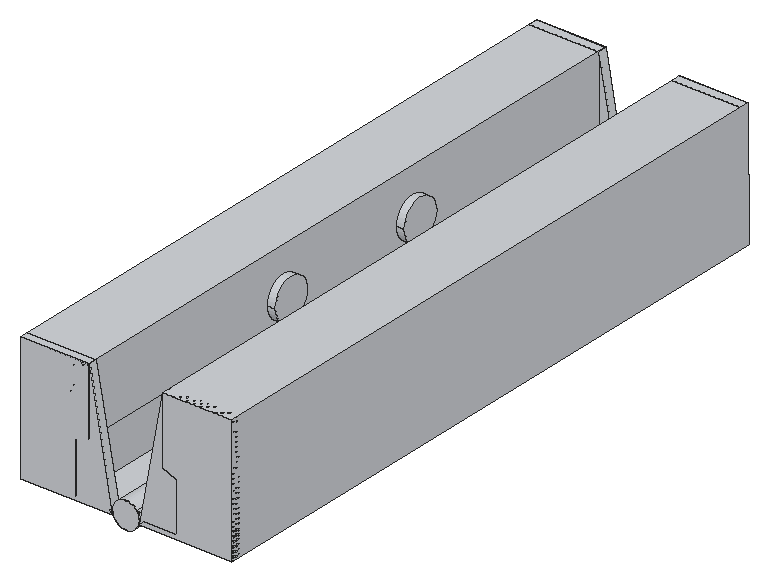
Revit family "MF_OUTSIDE HINGED CORNER 2'_1904314", category Generic Models, Revit 2018
Family settings
  Can host rebar = No
  Round Connector Dimension = Use Diameter
  Part Type = Normal
  OmniClass Number = 35.51.14.00
  OmniClass Title = FORMWORK
  Work Plane-Based = Yes
  Always vertical = No
  Cut with Voids When Loaded = No
  Shared = Yes
  Room Calculation Point = No
Parameters
  VERSION = "20190101"  # constant formula
  URL = "www.ulmaconstruction.com/en"
  UNICLASS = ""
  REAL ANGLE [instance] = if(ANGLE < 65.00°, 65.00°, if(ANGLE < 180.00°, ANGLE, 180.00°))  # 180.00°
  ITEM_CODE = "1904314"
  Manufacturer = "ULMA CONSTRUCTION"  # constant formula
  INSERTION PLANE [instance] = if(REAL ANGLE = 180.00°, 0", (0.15748") / cos(90.00° - REAL ANGLE) + 0.15748" * tan(90.00° - REAL ANGLE))  # 0"
  FILTER [instance] = ""
  Default Elevation = 0"
  CLASSIFICATION_TITLE = ""
  CLASSIFICATION_NUMBER = ""
  ANGLE [instance] = 180.00°
Reference planes (in)
  plane 1 "Centro (Frontal/Posterior)": y = 0
  plane 2: z = 0
  plane 3 "Centro (Izquierda/Derecha)": x = 0
  plane 4 "ITEM_HEIGHT": y = 24
  plane 5 "CENTER": z = 0.15748
  plane 6 "INSERTION PLANE": x = 0
Lines and regions (in)
  reference lines
    curve 1: line (0, 0, 0.15748) -> (8.2515, 0, 0.15748)
Dimensions and locks (in)
  locked: plane 1 "Centro (Frontal/Posterior)" to plane 4 "ITEM_HEIGHT" at 24
  locked: plane 5 "CENTER" to plane 2 at 0.15748
  "INSERTION PLANE": plane 3 "Centro (Izquierda/Derecha)" to plane 6 "INSERTION PLANE"
  "REAL ANGLE": angle plane 5 "CENTER" to curve 1
  aligned and locked: level to plane 2
  aligned and locked: plane 3 "Centro (Izquierda/Derecha)" to curve 1
  aligned and locked: plane 5 "CENTER" to curve 1
  aligned and locked: plane 4 "ITEM_HEIGHT" to nested 2
Nested families (in)
  nested 1: "MEDIA ESCUADRA EXT 2' - 1904949_PANELS" at (0, 0, 0), type "MEDIA ESCUADRA EXT 2' - 1904949_PANELS"
    with FILTER ""
  nested 2: "MEDIA ESCUADRA EXT 2' - 1904949_PANELS" at (0, 24, 0) x (-1, 0, 0) z (0, 0, 1), type "MEDIA ESCUADRA EXT 2' - 1904949_PANELS"
    with FILTER ""
Definition of nested family "MEDIA ESCUADRA EXT 2' - 1904949_PANELS"
  Parameters (values of type "MEDIA ESCUADRA EXT 2' - 1904949_PANELS")
    VERSION = "20190101"  # constant formula
    URL = "www.ulmaconstruction.com/en"
    UNICLASS = ""
    Manufacturer = "ULMA CONSTRUCTION"  # constant formula
    FILTER [instance] = ""
    Default Elevation = 0"
    CLASSIFICATION_TITLE = ""
    CLASSIFICATION_NUMBER = ""
  Reference planes (in)
    plane 1 "Centro (Frontal/Posterior)": y = 0
    plane 2: z = 0
    plane 3 "Centro (Izquierda/Derecha)": x = 0
  Forms (in)
    Extrusion 1, solid
      sketch origin (0, 0, 0) x (1, 0, 0) y (0, 0, 1)
        loop
          circle (0, 0.15748) r 0.49213
      from -24 to 0
    Extrusion 2, solid, detail levels fine
      sketch origin (0, 0, 0) x (1, 0, 0) y (0, 0, 1)
        loop
          line (-3.93701, 4.72441) -> (-3.93701, 0) -> (-0.49213, 0) -> (-1.37063, 4.72441) -> (-3.93701, 4.72441)
      from -0.31496 to 0
    Extrusion 3, solid
      sketch origin (0, 0, 0) x (1, 0, 0) y (0, 0, 1)
        loop
          line (-1.37795, 4.72441) -> (-3.93701, 4.72441) -> (-3.93701, 0) -> (-0.49213, 0) -> (-0.64961, 0.15748) -> (-1.87008, 0.15748) -> (-1.87008, 1.99583) -> (-1.37795, 2.20472) -> (-1.37795, 4.72441)
      from -24 to 0
    Extrusion 4, solid, detail levels fine
      sketch origin (0, 117.95276, 0) x (1, 0, 0) y (0, 0, 1)
        loop
          line (-3.93701, 4.72441) -> (-3.93701, 0) -> (-0.49213, 0) -> (-1.37063, 4.72441) -> (-3.93701, 4.72441)
      from 93.95276 to 94.26772
    Extrusion 5, solid, detail levels fine
      sketch origin (0, 0, 0) x (0, 1, 0) y (0, 0, 1)
        loop
          circle (15, 3.03937) r 0.74803
        loop
          circle (9, 3.03937) r 0.74803
      from -1.37795 to -1.06299
  Lines and regions (in)
    model lines, detail levels fine
      curve 1: circle (-1.06299, 15, 3.03937) r 0.43307 normal (1, 0, 0)
      curve 2: circle (-1.06299, 9, 3.03937) r 0.43307 normal (1, 0, 0)
      curve 3: circle (-3.93701, 15, 3.03937) r 0.43307 normal (1, 0, 0)
      curve 4: circle (-3.93701, 9, 3.03937) r 0.43307 normal (1, 0, 0)
  Dimensions and locks (in)
    aligned and locked: level to plane 2
